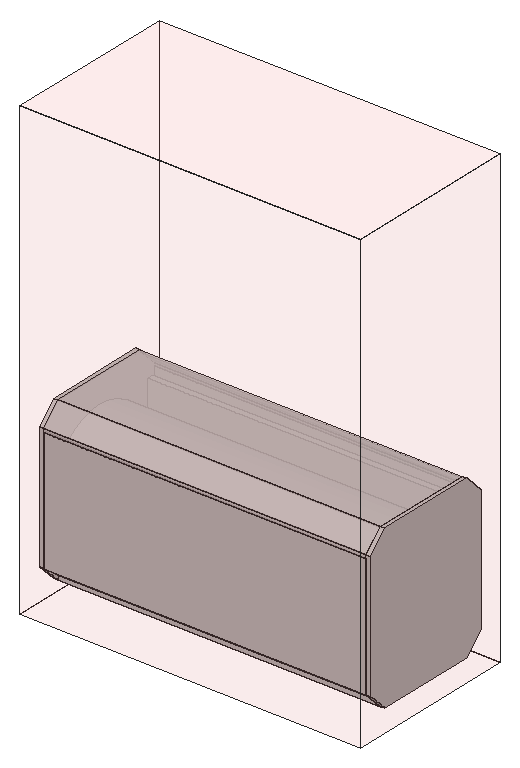
Revit family "Air-Curtain_Insect-Control_PoweredAire_RBT", category Mechanical Equipment, host Face, Revit 2019
Family settings
  Host = Face
  Round Connector Dimension = Use Diameter
  Part Type = Normal
  OmniClass Number = 23.75.35.17.21
  OmniClass Title = Air Curtains
  Cut with Voids When Loaded = No
  Shared = No
  Room Calculation Point = No
Parameters
  Warranty Duration (Years) = 0
  Unit Width Notes = "Other Widths available."  # constant formula
  Unit Width = 3' - 0"
  Unit Weight = 0
  Unit Height = 1' - 3"
  Unit Depth = 1' - 5 1/2"
  URL = "http://www.poweredaire.com/"
  Test Data = ""
  Standards Conformance = "as Specified"
  Specification = "http://www.arcat.com/sdspecs/htm04/23_34_33pai.htm"
  SpecWizard = ""
  Sound Pressure = "as Specified"
  Sales Information = "http://www.poweredaire.com/contact_us"
  Revision = "R1_2016-08"
  Projection from Host [instance] = 0' - 2"
  Product Properties = ""
  Product Data = "http://www.arcat.com/arcatcos/cos47/arc47623.html"
  Power Rating = 0 W
  Nozzle Width = if(1 = 1, Unit Width - 0' 1", 0' 0")  # 2' - 11"
  Mounting Width = if(1 = 1, Unit Width - 0' 0 15/16", 0' 0")  # 2' - 11 1/16"
  Mounting Height [instance] = 3' - 6"
  Motor RPM = 0
  Motor HP = 0
  Motor Count = 0
  Model = "As Specified"
  Max Height = 0' - 0"
  Manufacturer Website = "http://www.poweredaire.com/"
  Manufacturer Phone - Toll Free = "888-321-2473"
  Manufacturer Phone = "724-588-3305"
  Manufacturer Fax = "724-588-3371"
  Manufacturer Address = "109 Mortensen Rd.  Greenville, PA 16125"
  Manufacturer = "Powered Aire, Inc"
  Maintenance Schedule (Months) = 0
  Keynote = "23 34 33"
  Installation-Fabrication = ""
  Installation Phase = ""
  Include Clearance [instance] = yes
  Heating Element Load = 0 W
  HVAC_Temperature Rise = 0 °F
  HVAC_Outlet Volume = 0 CFM
  HVAC_Outlet Velocity Uniformity = 0
  HVAC_Outlet Velocity = 0 FPM
  Green Building-LEED = "http://www.arcat.com/green/clients/leed_data_47623.html"
  Front Grating Material [instance] = Metal - Steel - PoweredAire - Stainless 304 Perforated
  Frame Finish [instance] = Metal - Steel - PoweredAire - Stainless 304
  Expected Lifespan (Years) = 0
  Electrical_Wattage [instance] = Power Rating + Heating Element Load  # 0 W
  Electrical_Voltage [instance] = 0 V
  Electrical_Phase [instance] = 1
  Electrical_Frequency [instance] = 0 Hz
  Electrical_Amperage [instance] = 0 A
  Drawn By = "Sumex Design, Inc. / Robert S. Weygant, CSI, CDT, SCIP"
  Description = "Powered Aire Air Curtain as Specified"
  Default Elevation = 0' - 0"  # constant formula
  Copyright = "©Arcat Inc."
  Construction Details = "http://www.arcat.com/details/powair/prod3336.html"
  Clearance_Top [instance] = 0' - 2"
  Clearance_Side B [instance] = 0' - 0 1/2"
  Clearance_Side A [instance] = 0' - 0 1/2"
  Clearance_Intake [instance] = 2' - 6"
  Clearance_Bottom [instance] = 0' - 2"
  Clearance Material [instance] = ARCAT Clearance
  Building Codes = ""
  Available Options [instance] = "as Specified"
  Assembly Code = "D3090400"
Reference planes (in)
  plane 1 "Center (Elevation)": y = 0.13818
  plane 2: z = 0
  plane 3 "Center (Left/Right)": x = 0
  plane 4: y = 7.63818
  plane 5: y = -7.36182
  plane 6: x = -18
  plane 7: x = 18
  plane 8: z = 19.5
  plane 9 "FF": y = -41.86182
  plane 10: z = 2
  plane 11: x = 17.5
  plane 12: x = -17.5
  plane 13: y = 9.63818
  plane 14: y = -9.36182
  plane 15: x = -18.5
  plane 16: x = 18.5
  plane 17: z = 49.5
Forms (in)
  Extrusion 1, solid, material "Metal - Steel - PoweredAire - Stainless 304" <- "Frame Finish"
    sketch origin (0, 0, 0) x (0, 1, 0) y (0, 0, 1)
      loop
        line (5.69363, 2) -> (7.63818, 3.94454) -> (7.63818, 17.55546) -> (5.69363, 19.5) -> (-5.41728, 19.5) -> (-7.36182, 17.55546) -> (-7.36182, 3.94454) -> (-5.41728, 2) -> (5.69363, 2)
    from 17.5 to 18
  Extrusion 2, solid, material "Metal - Steel - PoweredAire - Stainless 304" <- "Frame Finish"
    sketch origin (0, 0, -0.5) x (0, 1, 0) y (0, 0, 1)
      loop
        circle (0.13818, 10.9739) r 6.25
      loop
        line (6.63818, 16.89427) -> (6.63818, 5.87829) -> (7.33849, 5.87829) -> (7.33849, 16.89427) -> (6.63818, 16.89427)
      loop
        line (-7.02798, 16.76927) -> (-7.02798, 5.75329) -> (-6.36182, 5.75329) -> (-6.36182, 16.76927) -> (-7.02798, 16.76927)
    from -17.5 to 17.5
  Extrusion 3, solid, material "Metal - Steel - PoweredAire - Stainless 304" <- "Frame Finish"
    sketch origin (0, 0, 0) x (0, 1, 0) y (0, 0, -1)
      loop
        line (5.69363, -2) -> (-5.41728, -2) -> (-7.36182, -3.94454) -> (-7.36182, -17.55546) -> (-5.41728, -19.5) -> (5.69363, -19.5) -> (7.63818, -17.55546) -> (7.63818, -3.94454) -> (5.69363, -2)
    from 17.5 to 18
  Extrusion 4, solid, material "Metal - Steel - PoweredAire - Stainless 304" <- "Frame Finish"
    sketch origin (0, 0, 0) x (0, 1, 0) y (0, 0, 1)
      loop
        line (-5.41728, 2) -> (5.69363, 2) -> (7.63818, 3.94454) -> (7.63818, 17.19454) -> (7.51318, 17.19454) -> (7.51318, 3.99632) -> (5.64186, 2.125) -> (-5.29228, 2.125) -> (-5.29228, 4.06954) -> (-7.23682, 4.06954) -> (-7.23682, 17.19454) -> (-7.36182, 17.19454) -> (-7.36182, 3.94454) -> (-5.41728, 3.94454) -> (-5.41728, 2)
      loop
        line (-6.64819, 3.61034) -> (-5.8702, 2.83235) -> (-5.74472, 2.95783) -> (-6.52271, 3.73583) -> (-6.64819, 3.61034)
    from -17.5 to 17.5
  Extrusion 5, solid, material "Metal - Steel - PoweredAire - Stainless 304 Perforated" <- "Front Grating Material"
    sketch origin (0, 0, 0) x (0, 1, 0) y (0, 0, 1)
      loop
        line (-7.36182, 17.19454) -> (-7.23682, 17.19454) -> (-7.23682, 17.50368) -> (-5.3655, 19.375) -> (5.64186, 19.375) -> (7.51318, 17.50368) -> (7.51318, 17.19454) -> (7.63818, 17.19454) -> (7.63818, 17.55546) -> (5.69363, 19.5) -> (-5.41728, 19.5) -> (-7.36182, 17.55546) -> (-7.36182, 17.19454)
    from -17.5 to 17.5
  Extrusion 6, solid, material "ARCAT Clearance" <- "Clearance Material", visible <- "Include Clearance"
    sketch origin (0, 0, 0) x (0, 1, 0) y (0, 0, 1)
      loop
        line (-9.36182, 49.5) -> (-9.36182, 0) -> (9.63818, 0) -> (9.63818, 49.5) -> (-9.36182, 49.5)
    from -18.5 to 18.5
Dimensions and locks (in)
  equal spacing: plane 4, plane 1 "Center (Elevation)", plane 5
  "Unit Height": plane 4 to plane 5
  equal spacing: plane 6, plane 3 "Center (Left/Right)", plane 7
  "Unit Width": plane 6 to plane 7
  "Mounting Height": plane 1 "Center (Elevation)" to plane 9 "FF"
  "Projection from Host": plane 10 to level
  "Unit Depth": plane 8 to plane 10
  locked: plane 6 to plane 12 at 0.5
  locked: plane 11 to plane 7 at 0.5
  "Clearance_Side A": plane 7 to plane 16
  "Clearance_Side B": plane 15 to plane 6
  "Clearance_Top": plane 13 to plane 4
  "Clearance_Bottom": plane 5 to plane 14
  "Clearance_Intake": plane 17 to plane 8
  aligned and locked: plane 2 to host face
  aligned and locked: level to host face
  aligned and locked: plane 7 to Extrusion 1
  aligned and locked: Extrusion 1 to plane 11
  aligned and locked: plane 12 to Extrusion 3
  aligned and locked: Extrusion 3 to plane 6
  aligned and locked: Extrusion 2 to plane 12
  aligned and locked: plane 11 to Extrusion 2
  aligned and locked: plane 11 to Extrusion 4
  aligned and locked: Extrusion 4 to plane 12
  aligned and locked: plane 11 to Extrusion 5
  aligned and locked: Extrusion 5 to plane 12
  aligned and locked: Extrusion 6 sketch curve to plane 17
  aligned and locked: plane 14 to Extrusion 6 sketch curve
  aligned and locked: level to Extrusion 6 sketch curve
  aligned and locked: Extrusion 6 sketch curve to plane 13
  aligned and locked: plane 16 to Extrusion 6
  aligned and locked: Extrusion 6 to plane 15
Automatic sketch dimensions
  host sketch curve to host sketch curve = 8' - 0"  (x2)
  Extrusion 1 sketch curve to plane 5 = 0' - 0"
  Extrusion 1 sketch curve to plane 8 = 0' - 0"
  Extrusion 1 sketch curve to plane 10 = 0' - 0"
  Extrusion 1 sketch curve to plane 4 = 0' - 0"
  plane 5 to Extrusion 1 sketch curve = 0' - 1.94454"  (x2)
  Extrusion 1 sketch curve to plane 4 = 0' - 1.94454"  (x2)
  plane 10 to Extrusion 1 sketch curve = 0' - 1.94454"  (x2)
  Extrusion 1 sketch curve to plane 8 = 0' - 1.94454"  (x2)
  Extrusion 2 sketch curve to plane 1 "Center (Elevation)" = 0' - 0"
  plane 5 to Extrusion 2 sketch curve = 0' - 1"
  plane 5 to Extrusion 2 sketch curve = 0' - 0.33384"
  Extrusion 2 sketch curve to plane 4 = 0' - 1"
  Extrusion 2 sketch curve to plane 4 = 0' - 0.29969"
  plane 10 to Extrusion 2 sketch curve = 0' - 3.37829"
  plane 10 to Extrusion 2 sketch curve = 0' - 3.25329"
  Extrusion 2 sketch curve to plane 8 = 0' - 9.0261"
  Extrusion 2 sketch curve to plane 8 = 0' - 3.23073"
  Extrusion 2 sketch curve to plane 8 = 0' - 3.10573"
  Extrusion 3 sketch curve to plane 5 = 0' - 0"
  Extrusion 3 sketch curve to plane 8 = 0' - 0"
  Extrusion 3 sketch curve to plane 10 = 0' - 0"
  Extrusion 3 sketch curve to plane 4 = 0' - 0"
  plane 5 to Extrusion 3 sketch curve = 0' - 1.94454"  (x2)
  Extrusion 3 sketch curve to plane 4 = 0' - 1.94454"  (x2)
  Extrusion 3 sketch curve to plane 8 = 0' - 1.94454"  (x2)
  plane 10 to Extrusion 3 sketch curve = 0' - 1.94454"  (x2)
  Extrusion 4 sketch curve to plane 5 = 0' - 0"
  Extrusion 4 sketch curve to plane 10 = 0' - 0"
  Extrusion 4 sketch curve to plane 4 = 0' - 0"
  plane 5 to Extrusion 4 sketch curve = 0' - 0 1/8"
  plane 5 to Extrusion 4 sketch curve = 0' - 0.71363"
  Extrusion 4 sketch curve to Extrusion 4 sketch curve = 0' - 0.12548"  (x2)
  Extrusion 4 sketch curve to Extrusion 4 sketch curve = 0' - 0.778"
  Extrusion 4 sketch curve to Extrusion 4 sketch curve = 0' - 0.32744"
  Extrusion 4 sketch curve to Extrusion 4 sketch curve = 0' - 0 1/8"  (x2)
  plane 10 to Extrusion 4 sketch curve = 0' - 0 1/8"
  Extrusion 4 sketch curve to plane 4 = 0' - 1.99632"
  Extrusion 4 sketch curve to Extrusion 4 sketch curve = 0' - 0.05178"  (x2)
  plane 10 to Extrusion 4 sketch curve = 0' - 0.83235"
  plane 10 to Extrusion 4 sketch curve = 0' - 1.94454"
  Extrusion 4 sketch curve to Extrusion 4 sketch curve = 0' - 0.3342"
  Extrusion 4 sketch curve to plane 4 = 0' - 0 1/8"
  Extrusion 4 sketch curve to plane 8 = 0' - 2.30546"  (x2)
  Extrusion 5 sketch curve to plane 5 = 0' - 0"
  Extrusion 5 sketch curve to plane 8 = 0' - 0"
  Extrusion 5 sketch curve to plane 4 = 0' - 0"
  plane 5 to Extrusion 5 sketch curve = 0' - 0 1/8"
  plane 5 to Extrusion 5 sketch curve = 0' - 1.94454"
  Extrusion 5 sketch curve to plane 8 = 0' - 0 1/8"
  Extrusion 5 sketch curve to Extrusion 5 sketch curve = 0' - 0.05178"  (x4)
  Extrusion 5 sketch curve to plane 4 = 0' - 1.99632"
  Extrusion 5 sketch curve to plane 8 = 0' - 1.94454"  (x2)
  Extrusion 5 sketch curve to Extrusion 5 sketch curve = 0' - 0 1/8"
  Extrusion 5 sketch curve to Extrusion 5 sketch curve = 0' - 0.30914"  (x2)
  radius of Extrusion 2 sketch curve = 0' - 6 1/4"
Connectors (in)
  electrical at (0, 7.63818, 10.56954), driven by "Electrical_Phase", driven by "Electrical_Voltage"
    settings: on Extrusion 4, index 1, voltage 0 V, apparent load 0 VA, apparent load phase1 0 VA, apparent load phase2 0 VA, apparent load phase3 0 VA, power factor 1, load classification "Motor", number of poles 1, system type 31, power factor state 1, is connector primary yes, connector utility no, sub classification motor no, connector description ""
